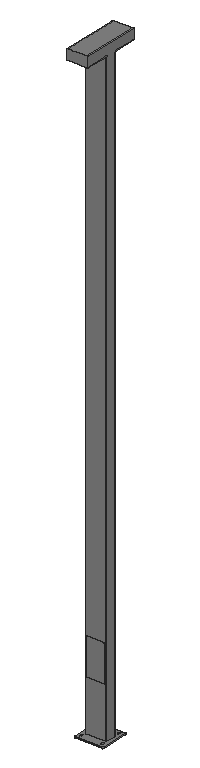
Revit family "Супремус В", category Осветительные приборы, Revit 2019 (continued)
Types (7, lengths in mm): name | Файл фотометрической сетки | built-in parameter 1150105 | Lumens | built-in parameter 1150106 | built-in parameter 1150142 | Wattage | L_общая рассеиватели | ADSK_Фактическая мощность | ADSK_Размер_Высота | ADSK_Номинальная мощность | ADSK_Наименование | ADSK_Масса_Текст | ADSK_Масса | ADSK_Артикул | 2
    4.0 269.3 264.3 258.8\r\n 252.6 246.1 239.6 232.8 225.8 218.8 211.7 205.0 198.8 193.2 187.8 182.6 177.2 171.2 165.0 159.0 152.7 147.0 141.3 135.5 130.8\r\n 126.3 121.6 117.0 113.6 110.0 106.0 101.4 96.8 92.0 86.9 81.8 77.0 72.2 67.6 63.3 59.3 55.5 51.9 48.6 45.5 43.0 41.0 39.3 37.7\r\n 36.2 34.8 33.4 32.1 30.8 29.5 28.3 27.2 26.1 24.9 23.6 22.5 21.3 20.1 19.0 18.0 16.9 15.9 15.0 14.0 12.8 11.7 10.9 10.2 9.6 9.0\r\n 8.4 7.8 7.2 6.6 6.2 6.0 5.8 5.3 4.7 4.2 3.7 3.2 2.9 2.7 2.5 2.3 2.1 1.9 1.8 1.7 1.5 1.3 1.2 1.0 1.0 0.0 0.0 0.0 0.0 0.0 0.0 0.0\r\n 0.0 0.0 0.0 0.0 0.0 0.0 0.0 0.0 0.0 0.0 0.0 0.0 0.0 0.0 0.0 0.0 0.0 0.0 0.0 0.0 0.0 0.0 0.0 0.0 0.0 0.0 0.0 0.0 0.0 0.0 0.0 0.0\r\n 0.0 0.0 0.0 0.0 0.0 0.0 0.0 0.0 0.0 0.0 0.0 0.0 0.0 0.0 0.0 0.0 0.0 0.0 0.0 0.0 0.0 0.0 0.0 0.0 0.0 0.0 0.0 0.0 0.0 0.0 0.0 0.0\r\n 0.0 0.0 0.0 0.0 0.0 0.0 0.0 0.0 0.0 0.0 0.0 0.0 0.0 0.0 0.0 0.0 0.0 0.0 0.0 0.0 0.0 0.0 0.0 0.0 0.0 0.0 0.0 0.0 0.0 0.0 0.0 0.0\r\n 0.0 0.0 0.0 0.0 0.0 0.0 0.0 0.0 0.0 0.0 0.0 0.0 0.0 0.0 0.0 0.0 0.0 0.0 0.0 0.0 0.0 0.0 0.0 0.0 0.0 0.0 0.0 0.0 0.0 0.0 0.0 0.0\r\n 0.0 0.0 0.0 0.0 0.0 0.0 0.0 0.0 0.0 0.0 0.0 0.0 0.0 0.0 0.0 0.0 0.0 0.0 0.0 0.0 0.0 0.0 0.0 0.0 0.0\r\n275.6 277.4 279.5 281.4 283.3 285.3 287.6 289.9 292.3 294.7 297.0 299.3 301.4 303.4 305.3 307.0 308.7 310.4 311.9 313.4 314.6\r\n 316.1 317.5 318.7 320.3 321.7 323.3 324.5 325.8 326.8 328.0 328.8 329.9 330.8 331.6 332.5 333.2 333.9 334.5 335.1 335.7 336.6\r\n 337.3 337.8 338.6 339.6 340.5 341.6 342.9 344.1 345.7 347.1 348.4 349.7 350.9 352.2 353.3 354.7 355.7 356.9 358.1 359.5 360.9\r\n 362.4 363.5 364.9 366.1 367.4 368.8 369.7 370.4 371.1 372.1 373.0 374.4 375.3 375.2 375.3 375.4 374.5 373.0 371.0 369.5 368.2\r\n 366.9 365.5 363.6 361.8 360.1 358.5 357.1 355.2 353.4 351.1 349.3 347.1 345.0 342.9 340.8 338.6 336.1 333.2 330.1 326.7 323.2\r\n 318.9 314.3 309.6 304.4 298.8 293.2 287.5 281.8 276.2 271.0 265.7 261.0 256.7 251.9 247.4 242.6 237.2 232.0 226.6 220.7 214.4\r\n 208.2 201.6 195.0 187.8 180.7 173.7 166.6 159.8 152.9 145.8 138.0 129.5 120.7 111.2 101.8 92.6 83.6 75.3 68.1 61.9 55.7 51.0 46.8\r\n 43.5 40.5 37.8 35.7 33.8 32.1 30.5 29.0 27.6 26.2 24.9 23.6 22.4 21.2 20.1 19.1 18.2 17.3 16.5 15.9 15.2 14.2 13.3 12.5 11.8 11.0\r\n 10.1 9.3 8.4 7.7 7.0 6.5 6.2 5.9 5.4 4.7 4.3 3.8 3.3 2.8 2.5 2.3 2.0 1.8 1.7 1.5 1.4 1.3 1.1 0.9 0.9 0.8 0.0 0.0 0.0 0.0 0.0 0.0\r\n 0.0 0.0 0.0 0.0 0.0 0.0 0.0 0.0 0.0 0.0 0.0 0.0 0.0 0.0 0.0 0.0 0.0 0.0 0.0 0.0 0.0 0.0 0.0 0.0 0.0 0.0 0.0 0.0 0.0 0.0 0.0 0.0\r\n 0.0 0.0 0.0 0.0 0.0 0.0 0.0 0.0 0.0 0.0 0.0 0.0 0.0 0.0 0.0 0.0 0.0 0.0 0.0 0.0 0.0 0.0 0.0 0.0 0.0 0.0 0.0 0.0 0.0 0.0 0.0 0.0\r\n 0.0 0.0 0.0 0.0 0.0 0.0 0.0 0.0 0.0 0.0 0.0 0.0 0.0 0.0 0.0 0.0 0.0 0.0 0.0 0.0 0.0 0.0 0.0 0.0 0.0 0.0 0.0 0.0 0.0 0.0 0.0 0.0\r\n 0.0 0.0 0.0 0.0 0.0 0.0 0.0 0.0 0.0 0.0 0.0 0.0 0.0 0.0 0.0 0.0 0.0 0.0 0.0 0.0 0.0 0.0 0.0 0.0 0.0 0.0 0.0 0.0 0.0 0.0 0.0 0.0\r\n 0.0 0.0 0.0 0.0 0.0 0.0 0.0 0.0 0.0 0.0 0.0 0.0 0.0 0.0 0.0 0.0 0.0 0.0 0.0 0.0 0.0 0.0 0.0 0.0 0.0 0.0\r\n275.6 277.4 279.0 280.8 282.6 284.4 286.4 288.3 290.5 292.5 294.6 296.7 298.6 300.6 302.3 303.9 305.5 307.0 308.3 309.7 311.1\r\n 312.4 313.5 314.5 315.6 316.8 318.1 319.4 320.8 321.9 323.2 324.2 325.3 326.3 327.1 327.8 328.4 329.2 330.2 330.9 331.8 332.5\r\n 333.0 333.7 334.3 335.3 336.0 336.9 337.8 339.0 340.2 341.6 343.0 344.5 346.0 347.8 349.5 351.3 353.2 355.0 356.8 358.6 360.5\r\n 362.8 365.0 367.0 369.7 372.1 374.4 376.7 379.0 380.6 382.2 383.8 385.2 387.1 388.5 389.2 390.5 391.4 391.3 390.9 389.9 389.9\r\n 389.9 389.8 389.8 389.8 389.8 390.2 390.2 391.2 392.0 392.7 393.0 392.8 392.5 392.4 392.1 391.7 391.3 391.1 390.2 389.3 387.9\r\n 386.2 384.4 382.2 379.1 375.7 372.2 368.6 364.6 360.5 356.3 352.3 348.5 344.7 340.8 336.9 333.0 328.6 324.0 319.0 313.7 307.3\r\n 300.7 293.7 285.8 277.7 269.5 261.0 251.8 242.1 231.0 219.4 207.8 195.8 183.3 170.4 157.8 145.2 133.3 121.5 109.6 98.5 87.6 77.8\r\n 68.4 60.2 53.3 47.3 42.4 38.8 35.8 33.2 30.7 28.7 27.1 25.8 24.6 23.6 22.9 22.0 21.4 20.9 20.3 19.5 18.6 17.9 16.9 15.7 14.5 13.3\r\n 12.1 11.0 9.8 8.8 7.9 7.1 6.5 5.9 5.4 5.2 4.6 4.2 3.6 3.2 2.7 2.3 1.9 1.7 1.5 1.4 1.3 1.1 1.0 0.9 0.8 0.7 0.6 0.0 0.0 0.0 0.0 0.0\r\n 0.0 0.0 0.0 0.0 0.0 0.0 0.0 0.0 0.0 0.0 0.0 0.0 0.0 0.0 0.0 0.0 0.0 0.0 0.0 0.0 0.0 0.0 0.0 0.0 0.0 0.0 0.0 0.0 0.0 0.0 0.0 0.0\r\n 0.0 0.0 0.0 0.0 0.0 0.0 0.0 0.0 0.0 0.0 0.0 0.0 0.0 0.0 0.0 0.0 0.0 0.0 0.0 0.0 0.0 0.0 0.0 0.0 0.0 0.0 0.0 0.0 0.0 0.0 0.0 0.0\r\n 0.0 0.0 0.0 0.0 0.0 0.0 0.0 0.0 0.0 0.0 0.0 0.0 0.0 0.0 0.0 0.0 0.0 0.0 0.0 0.0 0.0 0.0 0.0 0.0 0.0 0.0 0.0 0.0 0.0 0.0 0.0 0.0\r\n 0.0 0.0 0.0 0.0 0.0 0.0 0.0 0.0 0.0 0.0 0.0 0.0 0.0 0.0 0.0 0.0 0.0 0.0 0.0 0.0 0.0 0.0 0.0 0.0 0.0 0.0 0.0 0.0 0.0 0.0 0.0 0.0\r\n 0.0 0.0 0.0 0.0 0.0 0.0 0.0 0.0 0.0 0.0 0.0 0.0 0.0 0.0 0.0 0.0 0.0 0.0 0.0 0.0 0.0 0.0 0.0 0.0 0.0 0.0 0.0\r\n275.6 277.2 278.7 280.3 281.9 283.4 285.0 287.0 288.7 290.5 292.1 294.0 295.6 297.3 299.0 300.5 301.9 303.2 304.5 305.8 306.9\r\n 308.1 309.0 310.0 311.2 312.1 313.2 314.2 315.4 316.3 317.6 318.6 319.8 320.9 321.8 322.7 323.5 324.4 325.2 325.9 326.8 327.9\r\n 328.8 329.9 330.8 331.5 332.5 333.1 333.8 334.8 335.7 336.9 338.2 339.5 341.0 342.6 344.4 346.1 348.0 350.3 352.4 354.7 357.2\r\n 359.7 362.4 365.0 367.8 370.6 373.6 376.6 379.5 382.0 384.5 386.7 388.8 390.8 393.0 395.0 396.3 398.6 400.6 401.8 402.7 403.8\r\n 404.7 406.3 408.0 409.7 411.5 413.0 414.8 417.1 419.2 421.0 423.0 425.1 427.3 429.1 431.5 433.3 435.0 436.5 437.9 439.2 440.3\r\n 441.0 440.5 439.3 437.6 435.9 433.6 431.5 429.3 426.6 423.7 419.9 415.6 410.8 405.5 399.9 394.4 388.7 382.5 376.1 369.6 363.0\r\n 356.5 349.8 342.5 334.5 326.3 316.7 305.9 294.3 282.0 268.7 254.2 238.5 222.1 205.4 188.2 171.6 156.4 142.2 129.9 118.4 108.2\r\n 97.9 88.4 79.7 71.7 64.7 57.8 50.8 45.8 41.7 38.0 34.8 32.4 30.2 28.4 27.0 25.7 24.7 23.8 22.8 21.7 20.4 19.2 18.2 17.1 15.8 14.3\r\n 12.6 11.3 10.3 9.2 8.2 7.2 6.5 5.8 5.2 4.8 4.5 4.2 3.7 3.1 2.7 2.2 1.8 1.5 1.4 1.3 1.2 1.0 0.9 0.8 0.7 0.6 0.6 0.5 0.0 0.0 0.0\r\n 0.0 0.0 0.0 0.0 0.0 0.0 0.0 0.0 0.0 0.0 0.0 0.0 0.0 0.0 0.0 0.0 0.0 0.0 0.0 0.0 0.0 0.0 0.0 0.0 0.0 0.0 0.0 0.0 0.0 0.0 0.0 0.0\r\n 0.0 0.0 0.0 0.0 0.0 0.0 0.0 0.0 0.0 0.0 0.0 0.0 0.0 0.0 0.0 0.0 0.0 0.0 0.0 0.0 0.0 0.0 0.0 0.0 0.0 0.0 0.0 0.0 0.0 0.0 0.0 0.0\r\n 0.0 0.0 0.0 0.0 0.0 0.0 0.0 0.0 0.0 0.0 0.0 0.0 0.0 0.0 0.0 0.0 0.0 0.0 0.0 0.0 0.0 0.0 0.0 0.0 0.0 0.0 0.0 0.0 0.0 0.0 0.0 0.0\r\n 0.0 0.0 0.0 0.0 0.0 0.0 0.0 0.0 0.0 0.0 0.0 0.0 0.0 0.0 0.0 0.0 0.0 0.0 0.0 0.0 0.0 0.0 0.0 0.0 0.0 0.0 0.0 0.0 0.0 0.0 0.0 0.0\r\n 0.0 0.0 0.0 0.0 0.0 0.0 0.0 0.0 0.0 0.0 0.0 0.0 0.0 0.0 0.0 0.0 0.0 0.0 0.0 0.0 0.0 0.0 0.0 0.0 0.0 0.0 0.0 0.0 0.0\r\n275.6 276.9 278.3 279.7 281.1 282.4 283.8 285.1 286.7 288.2 289.5 290.9 292.4 293.9 295.3 296.7 297.9 299.2 300.0 301.2 302.3\r\n 303.3 304.4 305.5 306.3 307.3 308.4 309.1 310.0 310.7 311.6 312.7 313.7 314.7 315.8 316.8 317.8 318.9 319.9 320.9 321.8 323.1\r\n 324.1 325.3 326.1 327.1 328.1 329.0 330.3 331.4 332.6 333.6 334.8 335.9 337.3 338.6 340.0 341.4 343.0 344.8 346.8 348.6 350.8\r\n 353.2 355.4 358.0 360.6 363.5 366.5 369.9 373.2 376.6 379.9 382.9 385.7 388.4 391.0 393.7 396.3 398.9 401.6 404.0 406.2 408.6\r\n 410.8 412.7 415.5 418.2 420.9 423.8 426.8 430.4 433.8 436.6 439.8 442.8 446.0 449.4 453.0 456.8 460.6 463.8 467.4 470.3 473.3\r\n 475.4 476.4 476.1 475.0 473.4 471.0 468.0 464.4 460.2 455.0 449.3 444.2 440.2 435.9 431.9 427.8 422.5 417.1 411.2 404.8 397.6\r\n 389.4 380.5 371.0 361.4 350.9 339.9 328.0 315.6 301.7 287.4 272.9 257.5 241.8 225.9 210.2 194.3 179.0 164.6 151.6 140.3 131.3\r\n 122.2 113.1 105.9 98.4 90.6 82.7 75.1 67.9 61.0 54.5 48.8 43.8 39.8 35.8 32.4 29.3 26.5 24.4 22.5 20.8 19.2 17.8 16.7 15.7 14.3\r\n 12.9 11.3 10.0 9.1 8.1 7.2 6.5 5.8 5.1 4.5 4.1 3.8 3.4 3.0 2.6 2.2 1.8 1.5 1.3 1.2 1.1 1.0 0.8 0.8 0.7 0.6 0.5 0.5 0.5 0.0 0.0\r\n 0.0 0.0 0.0 0.0 0.0 0.0 0.0 0.0 0.0 0.0 0.0 0.0 0.0 0.0 0.0 0.0 0.0 0.0 0.0 0.0 0.0 0.0 0.0 0.0 0.0 0.0 0.0 0.0 0.0 0.0 0.0 0.0\r\n 0.0 0.0 0.0 0.0 0.0 0.0 0.0 0.0 0.0 0.0 0.0 0.0 0.0 0.0 0.0 0.0 0.0 0.0 0.0 0.0 0.0 0.0 0.0 0.0 0.0 0.0 0.0 0.0 0.0 0.0 0.0 0.0\r\n 0.0 0.0 0.0 0.0 0.0 0.0 0.0 0.0 0.0 0.0 0.0 0.0 0.0 0.0 0.0 0.0 0.0 0.0 0.0 0.0 0.0 0.0 0.0 0.0 0.0 0.0 0.0 0.0 0.0 0.0 0.0 0.0\r\n 0.0 0.0 0.0 0.0 0.0 0.0 0.0 0.0 0.0 0.0 0.0 0.0 0.0 0.0 0.0 0.0 0.0 0.0 0.0 0.0 0.0 0.0 0.0 0.0 0.0 0.0 0.0 0.0 0.0 0.0 0.0 0.0\r\n 0.0 0.0 0.0 0.0 0.0 0.0 0.0 0.0 0.0 0.0 0.0 0.0 0.0 0.0 0.0 0.0 0.0 0.0 0.0 0.0 0.0 0.0 0.0 0.0 0.0 0.0 0.0 0.0 0.0 0.0\r\n275.6 276.8 277.9 279.2 280.4 281.4 282.4 283.6 284.8 286.0 287.0 288.2 289.3 290.5 291.6 292.6 293.7 294.7 295.7 296.6 297.5\r\n 298.4 299.3 300.1 301.0 301.9 302.8 303.5 304.2 305.1 306.0 307.0 308.0 308.8 309.6 310.7 311.5 312.5 313.6 314.7 315.9 317.0\r\n 318.4 319.6 320.9 322.1 323.4 324.8 326.1 327.5 328.9 330.4 331.7 332.9 334.2 335.7 337.0 338.4 339.9 341.3 342.9 344.7 346.5\r\n 348.3 350.2 352.3 354.3 356.5 359.3 362.0 365.0 368.2 371.6 375.1 378.4 381.7 384.7 387.5 390.8 393.9 397.0 399.9 402.8 405.5\r\n 408.2 411.2 414.7 418.5 422.0 425.4 429.6 434.1 438.1 441.8 445.5 449.0 452.7 456.0 459.5 463.1 466.3 469.9 473.0 476.0 479.3\r\n 481.3 482.5 482.3 480.8 479.3 477.9 475.6 472.9 469.4 465.6 461.4 457.4 452.8 447.6 442.7 438.0 433.0 427.9 421.8 414.9 407.1\r\n 399.3 391.2 381.6 371.5 360.2 348.1 334.5 320.6 306.5 292.0 277.6 263.7 249.5 236.1 222.9 210.4 199.3 190.1 182.3 175.5 169.4\r\n 163.4 156.3 148.6 140.2 130.6 120.7 110.5 100.5 90.6 80.2 70.3 62.1 54.0 45.8 40.0 35.3 31.5 28.3 25.5 22.9 20.6 18.3 16.1 14.0\r\n 12.1 10.6 9.4 8.3 7.3 6.4 5.6 4.9 4.4 4.0 3.6 3.3 3.0 2.7 2.3 2.0 1.7 1.4 1.3 1.1 1.0 0.9 0.8 0.7 0.6 0.6 0.5 0.5 0.5 0.5 0.0 0.0\r\n 0.0 0.0 0.0 0.0 0.0 0.0 0.0 0.0 0.0 0.0 0.0 0.0 0.0 0.0 0.0 0.0 0.0 0.0 0.0 0.0 0.0 0.0 0.0 0.0 0.0 0.0 0.0 0.0 0.0 0.0 0.0 0.0\r\n 0.0 0.0 0.0 0.0 0.0 0.0 0.0 0.0 0.0 0.0 0.0 0.0 0.0 0.0 0.0 0.0 0.0 0.0 0.0 0.0 0.0 0.0 0.0 0.0 0.0 0.0 0.0 0.0 0.0 0.0 0.0 0.0\r\n 0.0 0.0 0.0 0.0 0.0 0.0 0.0 0.0 0.0 0.0 0.0 0.0 0.0 0.0 0.0 0.0 0.0 0.0 0.0 0.0 0.0 0.0 0.0 0.0 0.0 0.0 0.0 0.0 0.0 0.0 0.0 0.0\r\n 0.0 0.0 0.0 0.0 0.0 0.0 0.0 0.0 0.0 0.0 0.0 0.0 0.0 0.0 0.0 0.0 0.0 0.0 0.0 0.0 0.0 0.0 0.0 0.0 0.0 0.0 0.0 0.0 0.0 0.0 0.0 0.0\r\n 0.0 0.0 0.0 0.0 0.0 0.0 0.0 0.0 0.0 0.0 0.0 0.0 0.0 0.0 0.0 0.0 0.0 0.0 0.0 0.0 0.0 0.0 0.0 0.0 0.0 0.0 0.0 0.0 0.0 0.0\r\n275.6 276.7 277.6 278.7 279.4 280.4 281.3 282.1 282.8 283.7 284.6 285.2 286.1 287.0 287.7 288.5 289.3 290.0 290.7 291.6 292.2\r\n 293.1 293.9 294.5 295.3 295.9 296.5 297.2 298.1 298.8 299.6 300.5 301.4 302.3 303.5 304.3 305.5 306.4 307.3 308.5 309.4 310.7\r\n 311.7 313.1 314.4 315.8 317.0 318.6 320.1 321.7 323.4 325.2 326.6 328.4 329.8 331.2 332.8 334.1 335.7 337.0 338.7 340.5 342.5\r\n 344.1 346.1 348.3 350.4 352.8 355.1 357.6 360.4 363.5 366.6 369.8 373.1 376.4 379.7 382.7 385.9 388.6 391.5 394.2 396.9 399.8\r\n 403.0 406.8 410.5 414.2 417.3 420.9 425.1 429.1 432.5 435.7 438.7 441.6 444.3 447.3 450.2 453.3 456.1 458.9 461.6 464.3 466.2\r\n 468.1 469.9 470.9 471.8 472.5 473.5 473.6 471.9 468.6 465.7 462.6 458.8 454.9 450.1 445.4 440.5 435.5 430.0 424.7 418.8 412.1\r\n 405.0 396.3 386.4 376.1 365.1 353.7 342.1 329.5 317.0 304.3 291.7 279.7 268.8 259.9 252.0 244.3 236.7 229.6 222.7 216.8 211.3\r\n 205.1 197.0 186.5 176.0 164.4 150.6 136.9 123.1 109.5 98.3 87.9 77.6 66.8 56.8 47.9 40.7 35.2 30.9 27.3 24.3 21.7 19.3 17.1 15.2\r\n 13.4 11.7 10.3 9.0 7.9 6.7 5.6 4.8 4.2 3.7 3.4 3.0 2.7 2.4 2.0 1.7 1.4 1.2 1.0 0.9 0.8 0.7 0.6 0.5 0.5 0.5 0.5 0.4 0.3 0.2 0.1\r\n 0.0 0.0 0.0 0.0 0.0 0.0 0.0 0.0 0.0 0.0 0.0 0.0 0.0 0.0 0.0 0.0 0.0 0.0 0.0 0.0 0.0 0.0 0.0 0.0 0.0 0.0 0.0 0.0 0.0 0.0 0.0 0.0\r\n 0.0 0.0 0.0 0.0 0.0 0.0 0.0 0.0 0.0 0.0 0.0 0.0 0.0 0.0 0.0 0.0 0.0 0.0 0.0 0.0 0.0 0.0 0.0 0.0 0.0 0.0 0.0 0.0 0.0 0.0 0.0 0.0\r\n 0.0 0.0 0.0 0.0 0.0 0.0 0.0 0.0 0.0 0.0 0.0 0.0 0.0 0.0 0.0 0.0 0.0 0.0 0.0 0.0 0.0 0.0 0.0 0.0 0.0 0.0 0.0 0.0 0.0 0.0 0.0 0.0\r\n 0.0 0.0 0.0 0.0 0.0 0.0 0.0 0.0 0.0 0.0 0.0 0.0 0.0 0.0 0.0 0.0 0.0 0.0 0.0 0.0 0.0 0.0 0.0 0.0 0.0 0.0 0.0 0.0 0.0 0.0 0.0 0.0\r\n 0.0 0.0 0.0 0.0 0.0 0.0 0.0 0.0 0.0 0.0 0.0 0.0 0.0 0.0 0.0 0.0 0.0 0.0 0.0 0.0 0.0 0.0 0.0 0.0 0.0 0.0 0.0 0.0 0.0 0.0 0.0\r\n275.6 276.4 277.2 278.0 278.6 279.4 279.9 280.5 281.1 281.5 281.9 282.5 283.0 283.6 284.1 284.5 285.0 285.3 285.8 286.2 286.7\r\n 287.3 287.9 288.4 289.0 289.6 290.0 290.7 291.3 292.0 292.9 293.5 294.2 295.0 296.1 297.0 298.1 299.1 300.1 301.2 302.4 303.6\r\n 304.9 306.3 307.5 309.0 310.5 312.0 313.6 315.2 316.8 318.4 320.0 321.6 323.1 324.8 326.2 327.8 329.3 331.0 332.7 334.2 336.0\r\n 338.2 339.9 342.0 344.1 346.3 348.7 351.1 353.7 356.2 359.2 362.2 365.2 368.4 371.6 374.6 377.5 380.3 382.9 385.9 388.5 391.4\r\n 394.5 397.8 401.6 404.7 407.8 411.4 415.3 418.4 420.9 423.2 425.3 427.8 430.5 433.0 435.8 438.8 441.5 444.4 447.5 449.3 451.0\r\n 452.8 454.1 455.5 455.9 456.3 457.0 457.6 457.7 457.0 455.5 453.4 451.2 448.9 445.9 442.7 438.5 434.1 429.1 424.0 418.0 411.1\r\n 403.6 394.6 385.0 375.1 364.5 353.6 342.4 330.7 320.1 310.4 302.2 295.4 289.6 283.9 278.8 273.1 267.1 260.7 254.5 247.8 240.3\r\n 231.6 221.4 209.2 194.9 178.6 161.7 145.4 130.0 116.3 103.1 89.8 76.2 64.8 53.4 42.0 35.5 30.8 27.1 24.0 21.3 19.1 17.2 15.4 13.8\r\n 12.4 11.2 9.7 8.2 7.1 6.2 5.2 4.5 3.9 3.5 3.0 2.7 2.4 2.0 1.7 1.5 1.3 1.0 0.8 0.7 0.6 0.6 0.6 0.6 0.5 0.5 0.6 0.6 0.6 0.6 0.0 0.0\r\n 0.0 0.0 0.0 0.0 0.0 0.0 0.0 0.0 0.0 0.0 0.0 0.0 0.0 0.0 0.0 0.0 0.0 0.0 0.0 0.0 0.0 0.0 0.0 0.0 0.0 0.0 0.0 0.0 0.0 0.0 0.0 0.0\r\n 0.0 0.0 0.0 0.0 0.0 0.0 0.0 0.0 0.0 0.0 0.0 0.0 0.0 0.0 0.0 0.0 0.0 0.0 0.0 0.0 0.0 0.0 0.0 0.0 0.0 0.0 0.0 0.0 0.0 0.0 0.0 0.0\r\n 0.0 0.0 0.0 0.0 0.0 0.0 0.0 0.0 0.0 0.0 0.0 0.0 0.0 0.0 0.0 0.0 0.0 0.0 0.0 0.0 0.0 0.0 0.0 0.0 0.0 0.0 0.0 0.0 0.0 0.0 0.0 0.0\r\n 0.0 0.0 0.0 0.0 0.0 0.0 0.0 0.0 0.0 0.0 0.0 0.0 0.0 0.0 0.0 0.0 0.0 0.0 0.0 0.0 0.0 0.0 0.0 0.0 0.0 0.0 0.0 0.0 0.0 0.0 0.0 0.0\r\n 0.0 0.0 0.0 0.0 0.0 0.0 0.0 0.0 0.0 0.0 0.0 0.0 0.0 0.0 0.0 0.0 0.0 0.0 0.0 0.0 0.0 0.0 0.0 0.0 0.0 0.0 0.0 0.0 0.0 0.0\r\n275.6 276.3 276.8 277.2 277.8 278.3 278.7 279.1 279.3 279.5 279.8 280.0 280.0 280.4 280.5 280.9 280.9 281.0 281.3 281.3 281.5\r\n 281.7 282.0 282.2 282.5 282.7 283.2 283.6 284.1 284.6 285.2 285.9 286.4 287.1 288.1 288.9 289.8 290.9 291.7 292.6 293.7 294.8\r\n 296.2 297.3 298.6 300.0 301.5 303.1 304.6 306.1 307.7 309.2 310.8 312.2 313.8 315.4 317.0 318.7 320.5 322.1 323.8 325.7 327.3\r\n 329.1 331.1 332.9 334.8 336.9 339.2 341.6 343.9 346.3 348.6 351.1 353.6 356.0 358.3 360.9 363.4 365.7 368.1 370.4 372.9 375.7\r\n 378.5 381.9 385.2 387.0 389.6 392.9 396.0 398.7 401.0 403.1 405.3 407.7 410.7 413.1 416.0 418.8 421.3 423.6 425.8 427.3 428.4\r\n 429.5 430.5 431.3 432.1 433.3 434.9 435.9 436.6 437.2 437.9 438.2 438.7 438.3 437.8 435.9 433.2 430.0 426.7 422.2 416.7 409.9\r\n 403.1 395.6 386.8 377.7 368.4 358.6 349.1 340.8 333.0 326.4 320.8 316.2 311.9 307.1 301.7 296.1 289.8 283.8 277.1 268.7 259.1\r\n 248.0 234.3 217.7 200.0 181.5 162.0 144.1 128.4 112.9 97.3 81.0 64.4 51.1 41.9 34.8 29.5 25.4 22.3 19.8 17.8 16.0 14.4 13.0 11.8\r\n 10.6 9.5 8.4 7.5 6.5 5.5 4.8 4.1 3.6 3.2 2.8 2.5 2.3 2.0 1.6 1.4 1.3 1.0 0.7 0.6 0.6 0.6 0.6 0.6 0.6 0.6 0.6 0.6 0.7 0.7 0.0 0.0\r\n 0.0 0.0 0.0 0.0 0.0 0.0 0.0 0.0 0.0 0.0 0.0 0.0 0.0 0.0 0.0 0.0 0.0 0.0 0.0 0.0 0.0 0.0 0.0 0.0 0.0 0.0 0.0 0.0 0.0 0.0 0.0 0.0\r\n 0.0 0.0 0.0 0.0 0.0 0.0 0.0 0.0 0.0 0.0 0.0 0.0 0.0 0.0 0.0 0.0 0.0 0.0 0.0 0.0 0.0 0.0 0.0 0.0 0.0 0.0 0.0 0.0 0.0 0.0 0.0 0.0\r\n 0.0 0.0 0.0 0.0 0.0 0.0 0.0 0.0 0.0 0.0 0.0 0.0 0.0 0.0 0.0 0.0 0.0 0.0 0.0 0.0 0.0 0.0 0.0 0.0 0.0 0.0 0.0 0.0 0.0 0.0 0.0 0.0\r\n 0.0 0.0 0.0 0.0 0.0 0.0 0.0 0.0 0.0 0.0 0.0 0.0 0.0 0.0 0.0 0.0 0.0 0.0 0.0 0.0 0.0 0.0 0.0 0.0 0.0 0.0 0.0 0.0 0.0 0.0 0.0 0.0\r\n 0.0 0.0 0.0 0.0 0.0 0.0 0.0 0.0 0.0 0.0 0.0 0.0 0.0 0.0 0.0 0.0 0.0 0.0 0.0 0.0 0.0 0.0 0.0 0.0 0.0 0.0 0.0 0.0 0.0 0.0\r\n275.6 276.0 276.4 276.6 276.9 277.2 277.3 277.4 277.5 277.4 277.4 277.3 277.3 277.2 277.1 277.1 276.9 276.9 276.8 276.7 276.7\r\n 276.6 276.5 276.6 276.6 276.6 276.8 276.9 277.2 277.4 277.8 278.1 278.8 279.3 279.8 280.4 281.2 282.0 283.0 284.0 284.8 285.8\r\n 286.6 287.7 289.0 290.1 291.4 292.9 293.9 295.1 296.4 297.6 298.9 300.3 301.6 303.1 304.6 306.0 307.5 309.3 310.9 312.5 314.2\r\n 316.0 317.7 319.5 321.3 323.4 325.4 327.5 329.3 331.5 333.6 335.9 338.1 340.4 342.6 
